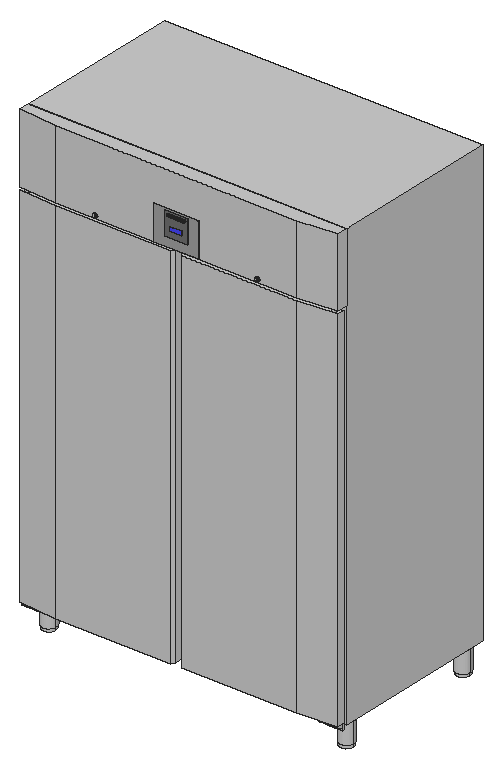
Revit family "QF_LIEBHERR_GGPv 1490.191129125126", category Specialty Equipment, Revit 2016
Family settings
  Part Type = Normal
  Round Connector Dimension = Use Diameter
  OmniClass Number = 23.40.40.14
  OmniClass Title = Food Service Equipment
  Work Plane-Based = No
  Always vertical = Yes
  Cut with Voids When Loaded = No
  Shared = No
  Room Calculation Point = No
Parameters (values of type "GGPv 1490_230V/1Ph/50Hz")
  URL catalogue = ""
  URL = "home.liebherr.com"
  Type de Raccord Electrique [instance] = ""
  Type article [instance] = ""
  Tension = 230 V
  Status [instance] = ""
  Spécification technique = ""
  Spécification du Fabricant [instance] = ""
  Spécification de l'Utilisateur [instance] = ""
  SMACNA No spécifique pour les matériaux  Etats Unis = ""
  Quantité par lot [instance] = no
  Puissance électrique  = 450 W
  Puissance en CV = ""
  Puissance Apparente = 450 VA
  Protection de l'Appareil = 0 A
  Profondeur hors tout = 830 mm
  Poids net à vide = 195.00 kg
  Phase = 1
  Numéro de Série = ""
  Nombres de Pôles = 2
  Nombre d'identification NAFEM = ""
  Model = "GGPv 1490"
  Manufacturer = "LIEBHERR"
  Longueur hors tout = 1430 mm
  Intensité nominale courant electrique = 5 A
  Installé Par [instance] = ""
  Identifiant Equipement [instance] = no
  Hauteur hors tout = 2120 mm
  Hauteur de Raccordement du Sol Finis [instance] = 1700 mm
  Hauteur de Raccordement du Sol Brut [instance] = 0 mm
  Fréquence = 50 Hz
  Fournis Par [instance] = ""
  Description = "GN FREEZER GGPV 1490, -10/-26°C, S/STEEL EXTERIOR & INTERIOR, 1056 L NET"
  Câble de connexion à l'appareil inclus = no
  Cost = 0
  Consommation d'énergie minimale = 0 A
  Connexion prise électrique  = ""
  Code de Révision [instance] = ""
  Classification dans le projet = ""
  Classement sismique = ""
  Accessoires = no
Reference planes
  plane 1 "Centre (avant/arrière)": y = 0
  plane 2: z = 0
  plane 3 "Centre (gauche/droite)": x = 0
Forms (mm)
  Extrusion 1, solid, not visible
    sketch origin (649, -2, 1819) x (1, 0, 0) y (0, 1, 0)
      loop
        line (0, 0) -> (2, 0) -> (2, 2) -> (0, 2) -> (0, 0)
    from 0 to 2
Dimensions and locks
  aligned and locked: level to plane 2
Nested families
  nested 1: "QF_LIEBHERR_GGPv 1490_230V_1Ph_50Hz" at (0, 0, 120), type "GGPv 1490_230V/1Ph/50Hz"
    with Show Logo yes, Show Clearance yes
  nested 2: "QF_LIEBHERR_GGPV1470_LEGS" at (0, 0, 0), type "GGPV1470_LEGS"
    with Show Logo yes, Show Clearance yes
Connectors
  electrical at (650, 0, 1820), driven by "Puissance Apparente", driven by "Nombres de Pôles", driven by "Tension"
    settings: on Extrusion 1, index 1, voltage 230 V, apparent load 0 VA, apparent load phase1 450 VA, apparent load phase2 0 VA, apparent load phase3 0 VA, power factor 1, load classification "Other", number of poles 2, system type 31, power factor state 1, is connector primary yes, connector utility no, sub classification motor no, connector description "Electric connection for 'GGPV 1490'"
Definition of nested family "QF_LIEBHERR_GGPv 1490_230V_1Ph_50Hz"
  Parameters (values of type "GGPv 1490_230V/1Ph/50Hz")
    URL = "home.liebherr.com"
    Show Logo [instance] = yes
    Show Clearance [instance] = yes
    Model = "GGPv 1490"
    Manufacturer = "LIEBHERR"
    Description = "GN FRIDGE GKPV 1490, -2/+15°C, S/STEEL EXTERIOR & INTERIOR, 1056 L NET"
    Assembly Code = "E1090320"
  Types (4, lengths in mm): name | Model | Description
    GGPv 1470 | "GGPv 1470" | "GN FRIDGE GKPV 1470, -2/+15°C, S/STEEL EXTERIOR & INTERIOR, 1056 L NET"
    GGPv 1490_230V/1Ph/50Hz | "GGPv 1490" | "GN FRIDGE GKPV 1490, -2/+15°C, S/STEEL EXTERIOR & INTERIOR, 1056 L NET"
    GKPv 1470 | "GKPv 1470" | "GN FREEZER GGPV 1470, -10/-26°C, S/STEEL EXTERIOR & INTERIOR, 1056 L NET"
    GKPv 1490 | "GKPv 1490" | "GN FREEZER GGPV 1490, -10/-26°C, S/STEEL EXTERIOR & INTERIOR, 1056 L NET"
  Reference planes
    plane 1 "Back": y = 0
    plane 2: z = 0
    plane 3 "Left": x = 0
    plane 4 "Right": x = 1430
    plane 5 "Front": y = -830
    plane 6 "Top": z = 2000
  Forms (mm)
    Extrusion 1, solid
      sketch origin (0, 0, -113) x (1, 0, 0) y (0, 1, 0)
        loop
          line (0, -767) -> (0, -816.625) -> (171.985, -830) -> (1257.99, -830) -> (1430, -816.625) -> (1430, -767) -> (0, -767)
      from 1801 to 2113
    Extrusion 2, solid
      sketch origin (0, 0, -113) x (0, 1, 0) y (0, 0, 1)
        loop
          line (-767, 2113) -> (-767, 113) -> (0, 113) -> (0, 2113) -> (-767, 2113)
      from 0 to 1430
    Extrusion 3, solid
      sketch origin (365.012, -829, -113) x (1, 0, 0) y (0, 0, 1)
        loop
          line (249.988, 1957) -> (249.988, 1801) -> (449.988, 1801) -> (449.988, 1957) -> (249.988, 1957)
      from 0 to 2
    Extrusion 4, solid
      sketch origin (365.012, -830, -113) x (1, 0, 0) y (0, 0, 1)
        loop
          line (297.988, 1947) -> (297.988, 1841) -> (401.988, 1841) -> (401.988, 1947) -> (297.988, 1947)
      from 0 to 2
    Extrusion 5, solid
      sketch origin (365.012, -831, -113) x (1, 0, 0) y (0, 0, 1)
        loop
          line (374.988, 1890) -> (324.988, 1890) -> (324.988, 1871) -> (374.988, 1871) -> (374.988, 1890)
      from 0 to 2
    Extrusion 6, solid, visible <- "Show Logo"
      sketch origin (365.012, -831, -113) x (1, 0, 0) y (0, 0, 1)
        loop
          line (309.542, 1937.598) -> (309.542, 1926.598) -> (317.534, 1926.598) -> (317.534, 1929.598) -> (314.534, 1929.598) -> (314.534, 1937.598) -> (309.542, 1937.598)
        loop
          line (318.542, 1937.598) -> (318.542, 1926.598) -> (323.534, 1926.598) -> (323.534, 1937.598) -> (318.542, 1937.598)
        loop
          line (325.425, 1937.598) -> (325.425, 1926.598) -> (332.444, 1926.598) -> (332.444, 1929.098) -> (330.418, 1929.098) -> (330.418, 1931.098) -> (332.444, 1931.098) -> (332.444, 1933.098) -> (330.418, 1933.098) -> (330.418, 1935.098) -> (332.444, 1935.098) -> (332.444, 1937.598) -> (325.425, 1937.598)
        loop
          line (334.425, 1937.598) -> (334.425, 1926.598) -> (341.444, 1926.598)
          arc (341.444, 1926.598) -> (344.324, 1928.719) -> (343.152, 1932.098) r 3.015
          arc (343.152, 1932.098) -> (344.324, 1935.477) -> (341.444, 1937.598) r 3.015
          line (341.444, 1937.598) -> (334.425, 1937.598)
        loop
          line (340.389, 1935.098) -> (339.418, 1935.098) -> (339.418, 1933.098) -> (340.389, 1933.098)
          arc (340.389, 1933.098) -> (341.389, 1934.098) -> (340.389, 1935.098) r 1
        loop
          arc (340.456, 1929.098) -> (341.456, 1930.098) -> (340.456, 1931.098) r 1
          line (340.456, 1931.098) -> (339.418, 1931.098) -> (339.418, 1929.098) -> (340.456, 1929.098)
        loop
          line (346.398, 1937.598) -> (346.398, 1926.598) -> (351.391, 1926.598) -> (351.391, 1931.098) -> (353.417, 1931.098) -> (353.417, 1926.598) -> (358.41, 1926.598) -> (358.41, 1937.598) -> (353.417, 1937.598) -> (353.417, 1933.098) -> (351.391, 1933.098) -> (351.391, 1937.598) -> (346.398, 1937.598)
        loop
          line (359.811, 1937.598) -> (359.811, 1926.598) -> (366.83, 1926.598) -> (366.83, 1929.098) -> (364.803, 1929.098) -> (364.803, 1931.098) -> (366.83, 1931.098) -> (366.83, 1933.098) -> (364.803, 1933.098) -> (364.803, 1935.098) -> (366.83, 1935.098) -> (366.83, 1937.598) -> (359.811, 1937.598)
        loop
          line (368.822, 1937.598) -> (368.822, 1926.598) -> (373.814, 1926.598) -> (373.814, 1929.098) -> (374.887, 1926.598) -> (379.88, 1926.598) -> (378.318, 1930.237)
          arc (378.318, 1930.237) -> (379.724, 1934.807) -> (375.841, 1937.598) r 4.097
          line (375.841, 1937.598) -> (368.822, 1937.598)
        loop
          line (374.786, 1935.098) -> (373.814, 1935.098) -> (373.814, 1932.141) -> (374.786, 1932.141)
          arc (374.786, 1932.141) -> (376.264, 1933.619) -> (374.786, 1935.098) r 1.479
        loop
          line (381.56, 1937.598) -> (381.56, 1926.598) -> (386.553, 1926.598) -> (386.553, 1929.098) -> (387.626, 1926.598) -> (392.618, 1926.598) -> (391.057, 1930.237)
          arc (391.057, 1930.237) -> (392.463, 1934.807) -> (388.58, 1937.598) r 4.097
          line (388.58, 1937.598) -> (381.56, 1937.598)
        loop
          line (387.524, 1935.098) -> (386.553, 1935.098) -> (386.553, 1932.141) -> (387.524, 1932.141)
          arc (387.524, 1932.141) -> (389.003, 1933.619) -> (387.524, 1935.098) r 1.479
      from 0 to 2
    Extrusion 7, solid
      sketch origin (0, 0, -120) x (1, 0, 0) y (0, 0, 1)
        loop
          circle (650, 1700) r 5
      from 0 to -5
    Extrusion 8, solid
      sketch origin (700, 0, -437) x (-1, 0, 0) y (0, -1, 0)
        loop
          line (0, 781) -> (700, 781) -> (700, 816.625) -> (527.99, 830) -> (10, 830) -> (0, 816.625) -> (0, 781)
      from 451 to 2113
    Extrusion 9, solid
      sketch origin (729.99, -92.898, 104.715) x (0, 1, 0) y (0, 0, -1)
        loop
          line (-688.102, -1556.285) -> (-674.102, -1556.285) -> (-674.102, 75.715) -> (-688.102, 75.715) -> (-688.102, -1556.285)
      from 44.99 to 714.99
    Extrusion 10, solid
      sketch origin (756.014, -92.898, -32.168) x (0, 1, 0) y (0, 0, -1)
        loop
          line (-680.221, -13.941) -> (-723.896, -39.157) -> (-680.221, -39.157) -> (-680.221, -13.941)
      from 672.942 to 677.942
    Extrusion 11, solid
      sketch origin (734.086, -89.604, -32.168) x (-1, 0, 0) y (0, -1, 0)
        loop
          circle (709.086, 713.896) r 10
      from 42.671 to 46.168
    Extrusion 12, solid
      sketch origin (734.086, -89.604, 1633.329) x (-1, 0, 0) y (0, -1, 0)
        loop
          circle (709.086, 713.896) r 10
      from 42.671 to 54.671
    Extrusion 13, solid
      sketch origin (6.014, -92.898, -32.168) x (0, 1, 0) y (0, 0, 1)
        loop
          line (-674.102, 7.53) -> (-674.102, 42.671) -> (-723.896, 42.671) -> (-723.896, 39.157) -> (-680.221, 39.157) -> (-680.221, 7.53) -> (-674.102, 7.53)
      from 4.769 to 77.058
    Extrusion 14, solid
      sketch origin (-662.159, -92.898, -32.168) x (0, 1, 0) y (0, 0, 1)
        loop
          line (-680.221, 13.941) -> (-680.221, 39.157) -> (-723.896, 39.157) -> (-680.221, 13.941)
      from 672.942 to 677.942
    Extrusion 15, solid
      sketch origin (-628.514, -92.898, -32.168) x (0, 1, 0) y (0, 0, 1)
        loop
          line (-680.221, 13.941) -> (-680.221, 39.157) -> (-723.896, 39.157) -> (-680.221, 13.941)
      from 672.942 to 677.942
    Extrusion 16, solid, visible <- "Show Clearance", detail levels coarse
      sketch origin (700, 0, 0) x (-1, 0, 0) y (0, -1, 0)
        loop
          line (0, 830) -> (700, 830) -> (700, 1496.933) -> (640, 1496.933)
          arc (640, 1496.933) -> (194.431, 1283.965) -> (0, 830) r 700.694
      from 14 to 1676
    Extrusion 17, solid
      sketch origin (730, 0, -437) x (1, 0, 0) y (0, 1, 0)
        loop
          line (0, -781) -> (0, -816.625) -> (10, -830) -> (527.99, -830) -> (700, -816.625) -> (700, -781) -> (0, -781)
      from 451 to 2113
    Extrusion 18, solid
      sketch origin (700.01, -92.898, 104.715) x (0, 1, 0) y (0, 0, 1)
        loop
          line (-688.102, 1556.285) -> (-688.102, -75.715) -> (-674.102, -75.715) -> (-674.102, 1556.285) -> (-688.102, 1556.285)
      from 44.99 to 714.99
    Extrusion 19, solid
      sketch origin (673.986, -92.898, -32.168) x (0, 1, 0) y (0, 0, 1)
        loop
          line (-680.221, 13.941) -> (-680.221, 39.157) -> (-723.896, 39.157) -> (-680.221, 13.941)
      from 672.942 to 677.942
    Extrusion 20, solid
      sketch origin (695.914, -89.604, -32.168) x (1, 0, 0) y (0, 1, 0)
        loop
          circle (709.086, -713.896) r 10
      from 42.671 to 46.168
    Extrusion 21, solid
      sketch origin (695.914, -89.604, 1633.329) x (1, 0, 0) y (0, 1, 0)
        loop
          circle (709.086, -713.896) r 10
      from 42.671 to 54.671
    Extrusion 22, solid
      sketch origin (1423.986, -92.898, -32.168) x (0, 1, 0) y (0, 0, -1)
        loop
          line (-674.102, -7.53) -> (-680.221, -7.53) -> (-680.221, -39.157) -> (-723.896, -39.157) -> (-723.896, -42.671) -> (-674.102, -42.671) -> (-674.102, -7.53)
      from 4.769 to 77.058
    Extrusion 23, solid
      sketch origin (2092.159, -92.898, -32.168) x (0, 1, 0) y (0, 0, -1)
        loop
          line (-680.221, -13.941) -> (-723.896, -39.157) -> (-680.221, -39.157) -> (-680.221, -13.941)
      from 672.942 to 677.942
    Extrusion 24, solid
      sketch origin (2058.514, -92.898, -32.168) x (0, 1, 0) y (0, 0, -1)
        loop
          line (-680.221, -13.941) -> (-723.896, -39.157) -> (-680.221, -39.157) -> (-680.221, -13.941)
      from 672.942 to 677.942
    Extrusion 25, solid, visible <- "Show Clearance", detail levels coarse
      sketch origin (730, 0, 0) x (1, 0, 0) y (0, 1, 0)
        loop
          arc (0, -830) -> (194.431, -1283.965) -> (640, -1496.933) r 700.694
          line (640, -1496.933) -> (700, -1496.933) -> (700, -830) -> (0, -830)
      from 14 to 1676
    Extrusion 26, solid
      sketch origin (1321.55, -831.588, 926.938) x (-1, 0, 0) y (0, 0, 1)
        loop
          circle (971.55, 773.43) r 9.525
      from 0 to 1.588
    Extrusion 27, solid
      sketch origin (1321.55, -831.588, 926.938) x (-1, 0, 0) y (0, 0, 1)
        loop
          circle (971.55, 773.43) r 7.53
        loop
          line (972.187, 776.799) -> (970.913, 776.799) -> (970.913, 770.061) -> (972.187, 770.061) -> (972.187, 776.799)
      from 0 to -2.342
    Extrusion 28, solid
      sketch origin (2051.55, -831.588, 926.938) x (-1, 0, 0) y (0, 0, 1)
        loop
          circle (971.55, 773.43) r 9.525
      from 0 to 1.588
    Extrusion 29, solid
      sketch origin (2051.55, -831.588, 926.938) x (-1, 0, 0) y (0, 0, 1)
        loop
          circle (971.55, 773.43) r 7.53
        loop
          line (972.187, 776.799) -> (970.913, 776.799) -> (970.913, 770.061) -> (972.187, 770.061) -> (972.187, 776.799)
      from 0 to -2.342
  Lines and regions (mm)
    symbolic lines
      curve 1: line (0, 0, 0) -> (1430, 0, 0)
      curve 2: line (1430, 0, 0) -> (1430, -816.625, 0)
      curve 3: line (1430, -816.625, 0) -> (1257.99, -830, 0)
      curve 4: line (1257.99, -830, 0) -> (171.985, -830, 0)
      curve 5: line (171.985, -830, 0) -> (0, -816.625, 0)
      curve 6: line (0, -816.625, 0) -> (0, 0, 0)
      curve 7: line (0, -767, 0) -> (1430, -767, 0)
      curve 12: line (1258.015, -830, 0) -> (1430, -816.625, 0)
    symbolic lines, visible <- "Show Clearance"
      curve 8: arc (700, -830, 0) -> (505.569, -1283.965, 0) -> (60, -1496.933, 0) r 700.694
      curve 9: line (0, -1496.933, 0) -> (0, -816.625, 0)
      curve 10: line (60, -1496.933, 0) -> (60, -821.291, 0)
      curve 11: line (60, -1496.933, 0) -> (0, -1496.933, 0)
      curve 13: arc (730, -830, 0) -> (924.431, -1283.965, 0) -> (1370, -1496.933, 0) r 700.694
      curve 14: line (1430, -1496.933, 0) -> (1430, -816.625, 0)
      curve 15: line (1370, -1496.933, 0) -> (1370, -821.29, 0)
      curve 16: line (1370, -1496.933, 0) -> (1430, -1496.933, 0)
  Dimensions and locks
    plane 3 "Left" to plane 4 "Right" = 1430 mm
    plane 5 "Front" to plane 1 "Back" = 830 mm
    plane 6 "Top" to level = 2000 mm
    aligned and locked: level to plane 2
  Connectors
    electrical at (650, 0, 1580)
      settings: on Extrusion 7, index 1, voltage 0 V, apparent load 0 VA, apparent load phase1 0 VA, apparent load phase2 0 VA, apparent load phase3 0 VA, power factor 1, load classification none, number of poles 1, system type 31, power factor state 1, is connector primary yes, connector utility no, sub classification motor no, connector description "Electrical connection"
Definition of nested family "QF_LIEBHERR_GGPV1470_LEGS"
  Parameters (values of type "GGPV1470_LEGS")
    URL catalogue [instance] = ""
    URL = "home.liebherr.com"
    Status [instance] = ""
    Spécification technique [instance] = ""
    Spécification du Fabricant [instance] = ""
    Spécification de l'Utilisateur [instance] = ""
    Show Logo [instance] = yes
    Show Clearance [instance] = yes
    SMACNA No spécifique pour les matériaux  Etats Unis [instance] = ""
    Quantité par lot [instance] = no
    Profondeur hors tout [instance] = 830 mm
    Poids net à vide [instance] = 0.00 kg
    Numéro de Série [instance] = ""
    Nombre d'identification NAFEM [instance] = ""
    Model = "GGPV1470_LEGS"
    Manufacturer = "LIEBHERR"
    Longueur hors tout [instance] = 1470 mm
    Installé Par [instance] = ""
    Identifiant Equipement [instance] = no
    Hauteur hors tout [instance] = 120 mm
    Fournis Par [instance] = ""
    Description = "STANDARD LEGS"
    Cost = 0
    Code de Révision [instance] = ""
    Classification dans le projet [instance] = ""
    Classement sismique [instance] = ""
    Assembly Code = "E1090320"
    Accessoires [instance] = yes
  Reference planes
    plane 1 "Back": y = 0
    plane 2: z = 0
    plane 3 "Left": x = 0
    plane 4 "Right": x = 1430
    plane 5 "Front": y = -830
    plane 6 "Top": z = 120
  Forms (mm)
    Revolve 1, solid
      sketch origin (0, -54.25, 0) x (1, 0, 0) y (0, 0, 1)
        loop
          line (45, 0) -> (75, 0) -> (75, 14) -> (78.027, 14) -> (78.027, 113) -> (84.75, 113) -> (84.75, 120) -> (45, 120) -> (45, 0)
        axis (45, 120) -> (45, 0)
      angle from 0 to 360
    Revolve 2, solid
      sketch origin (1340, -54.25, 0) x (1, 0, 0) y (0, 0, 1)
        loop
          line (45, 0) -> (75, 0) -> (75, 14) -> (78.027, 14) -> (78.027, 113) -> (84.75, 113) -> (84.75, 120) -> (45, 120) -> (45, 0)
        axis (45, 120) -> (45, 0)
      angle from 0 to 360
    Revolve 3, solid
      sketch origin (0, -709.05, 0) x (1, 0, 0) y (0, 0, 1)
        loop
          line (45, 0) -> (75, 0) -> (75, 14) -> (78.027, 14) -> (78.027, 113) -> (84.75, 113) -> (84.75, 120) -> (45, 120) -> (45, 0)
        axis (45, 120) -> (45, 0)
      angle from 0 to 360
    Revolve 4, solid
      sketch origin (1340, -709.05, 0) x (1, 0, 0) y (0, 0, 1)
        loop
          line (45, 0) -> (75, 0) -> (75, 14) -> (78.027, 14) -> (78.027, 113) -> (84.75, 113) -> (84.75, 120) -> (45, 120) -> (45, 0)
        axis (45, 120) -> (45, 0)
      angle from 0 to 360
  Dimensions and locks
    plane 3 "Left" to plane 4 "Right" = 1430 mm
    plane 5 "Front" to plane 1 "Back" = 830 mm
    plane 6 "Top" to level = 120 mm  (x2)
    aligned and locked: level to plane 2
